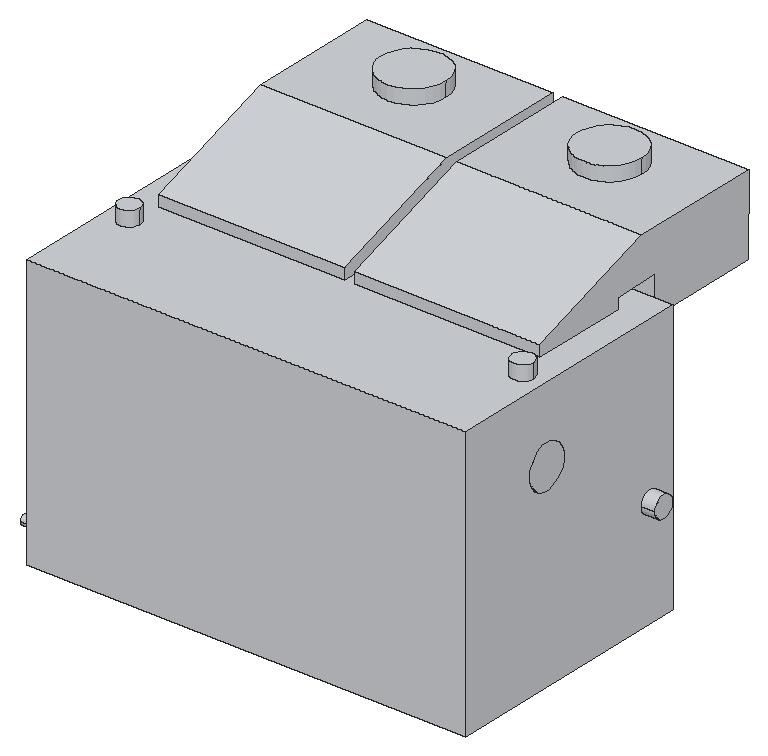
Revit family "1b0fd2bbb46a4241a16585ee87851890", category Mechanical Equipment, Revit 2021
Family settings
  Round Connector Dimension = Use Radius
  Part Type = Normal
  OmniClass Number = 23.75.10.11.14.11
  OmniClass Title = Cast-Iron Boilers
  Seek Item ID = Gas Fired Boiler - Cast Iron - 624-811 MBH-0000-USA-ENU
  Work Plane-Based = No
  Always vertical = Yes
  Cut with Voids When Loaded = No
  Shared = No
  Room Calculation Point = No
Parameters (values of type "624 MBH")
  Water Flow [instance] = 7.9 GPM
  Vent Radius 2 = 4 1/2"
  Vent Radius 1 = 4 1/2"
  Vent Length 2 = 1' - 5"
  Vent Length 1 = 2' - 3 1/4"
  Vent Diameter 1 = Vent Radius 1 * 2  # 9"
  Vent Diameter 2 = Vent Radius 2 * 2  # 9"
  Temperature Rise [instance] = 60 °F
  Supply Length 1 = 4' - 6 3/4"
  Water Pressure Drop [instance] = 37.50 psi
  Output Heat [instance] = 624600 Btu/h
  Input Heat [instance] = 780000.0 Btu/h
  Gas Radius = 5/8"
  Gas Flow [instance] = 0.9 GPM
  Gas Diameter = Gas Radius * 2  # 1 1/4"
  Hot Water Radius = 1 1/2"
  Hot Water Diameter = Hot Water Radius * 2  # 3"
  Exhaust Air Flow [instance] = 0 CFM
  Default Elevation = 0' - 0"
  Cold Water Radius = 1 1/2"
  Cold Water Diameter = Cold Water Radius * 2  # 3"
  Drafthood Length 2 = 2' - 1 205/256"
  Drafthood Length 1 = 2' - 1 205/256"
  Boiler Material = none
  Boiler Length = 5' - 1 1/8"
  BHP [instance] = 18.41
Types (5): name | Water Flow | Vent Radius 2 | Vent Radius 1 | Vent Length 2 | Vent Length 1 | Vent Diameter 1 | Vent Diameter 2 | Supply Length 1 | Water Pressure Drop | Output Heat | Input Heat | Drafthood Length 2 | Drafthood Length 1 | Boiler Length | BHP
  (no name) | 7.9 GPM | 4 1/2" | 4 1/2" | 1' - 5" | 2' - 3 1/4" | 9" | 9" | 4' - 6 3/4" | 37.50 psi | 624600 Btu/h | 780000.0 Btu/h | 2' - 1 205/256" | 2' - 1 205/256" | 5' - 1 1/8" | 18.41
  624 MBH | 7.9 GPM | 4 1/2" | 4 1/2" | 1' - 5" | 2' - 3 1/4" | 9" | 9" | 4' - 6 3/4" | 37.50 psi | 624600 Btu/h | 780000.0 Btu/h | 2' - 1 205/256" | 2' - 1 205/256" | 5' - 1 1/8" | 18.41
  686 MBH | 8.33 GPM | 5" | 4 1/2" | 1' - 7 3/4" | 2' - 5 7/8" | 9" | 10" | 5' - 0 1/8" | 41.00 psi | 686400 Btu/h | 858000.0 Btu/h | 2' - 7 51/256" | 2' - 1 205/256" | 5' - 6 1/2" | 20.25
  749 MBH | 8.33 GPM | 5" | 5" | 1' - 7 3/4" | 2' - 8 5/8" | 10" | 10" | 5' - 5 1/2" | 41.00 psi | 748800 Btu/h | 936000.0 Btu/h | 2' - 7 51/256" | 2' - 1 205/256" | 6' - 0" | 22.09
  811 MBH | 9.2 GPM | 6" | 5" | 1' - 10 3/8" | 2' - 11 3/8" | 10" | 12" | 5' - 11" | 47.50 psi | 811200 Btu/h | 1014000.0 Btu/h | 3' - 0 77/128" | 2' - 7 51/256" | 6' - 5 1/2" | 23.93
Reference planes (in)
  plane 1 "Center (Front/Back)": y = 0
  plane 2: z = 0
  plane 3 "Center (Left/Right)": x = 0
  plane 4: x = 61.125
  plane 5: y = 36
  plane 6: z = 38
  plane 7: z = 4
  plane 8: y = 2
  plane 9: x = -2
  plane 10: y = 31.8125
  plane 11: z = 15.375
  plane 12: x = 3.25
  plane 13: y = 13.75
  plane 14: z = 40
  plane 15: x = 58
  plane 16: x = 44.125
  plane 17: x = 31.22461
  plane 18: x = 57.02539
  plane 19: z = 27.5
  plane 20: y = 14
  plane 21: y = 54.1875
  plane 22: z = 34.1875
  plane 23: z = 45.4375
  plane 24: y = 38
  plane 25: y = 31.4375
  plane 26: y = 18
  plane 27: z = 39.5
  plane 28: y = 35.75
  plane 29: y = 46.1875
  plane 30: z = 47.4375
  plane 31: x = 63.125
  plane 32: x = 16.875
  plane 33: x = 3.97461
  plane 34: x = 29.77539
Forms (in)
  Extrusion 1, solid, material <- "Boiler Material"
    sketch origin (0, 0, 0) x (1, 0, 0) y (0, 1, 0)
      loop
        line (0, 36) -> (0, 0) -> (61.125, 0) -> (61.125, 36) -> (0, 36)
    from 0 to 38
  Extrusion 2, solid, material <- "Boiler Material"
    sketch origin (0, 0, 0) x (0, 1, 0) y (0, 0, 1)
      loop
        circle (2, 4) r 0.625
    from 0 to -2
  Extrusion 3, solid, material <- "Boiler Material"
    sketch origin (0, 0, 0) x (0, 1, 0) y (0, 0, 1)
      loop
        circle (31.8125, 15.375) r 1.5
    from 0 to -2
  Extrusion 4, solid, material <- "Boiler Material"
    sketch origin (0, 0, 0) x (1, 0, 0) y (0, 1, 0)
      loop
        circle (3.25, 13.75) r 1.5
    from 38 to 40
  Extrusion 5, solid, material <- "Boiler Material"
    sketch origin (0, 0, 0) x (1, 0, 0) y (0, 1, 0)
      loop
        circle (58, 13.75) r 1.5
    from 38 to 40
  Extrusion 6, solid, material <- "Boiler Material"
    sketch origin (0, 0, 0) x (0, 1, 0) y (0, 0, 1)
      loop
        circle (14, 27.5) r 3
    from 0 to 44.125
  Extrusion 7, solid, material <- "Boiler Material", detail levels fine
    sketch origin (0, 0, 0) x (0, 1, 0) y (0, 0, 1)
      loop
        line (18, 38) -> (31.4375, 38) -> (31.4375, 39.5) -> (38, 39.5) -> (38, 34.1875) -> (54.1875, 34.1875) -> (54.1875, 45.4375) -> (35.75, 45.4375) -> (18, 39.5) -> (18, 38)
    from 31.22461 to 57.02539
  Extrusion 8, solid, material <- "Boiler Material"
    sketch origin (0, 0, 0) x (1, 0, 0) y (0, 1, 0)
      loop
        circle (44.125, 46.1875) r 4.5
    from 45.4375 to 47.4375
  Extrusion 9, solid, material <- "Boiler Material"
    sketch origin (34, 0, 0) x (0, 1, 0) y (0, 0, -1)
      loop
        circle (31.8125, -15.375) r 1.5
    from -27.125 to -29.125
  Extrusion 10, solid, material <- "Boiler Material"
    sketch origin (44.75, 0, 0) x (0, 1, 0) y (0, 0, -1)
      loop
        circle (14, -27.5) r 3
    from -16.375 to 0.625
  Extrusion 11, solid, material <- "Boiler Material", detail levels coarse+medium
    sketch origin (0, 0, 0) x (1, 0, 0) y (0, 1, 0)
      loop
        line (3.97461, 54.1875) -> (3.97461, 36) -> (57.02539, 36) -> (57.02539, 54.1875) -> (3.97461, 54.1875)
    from 34.1875 to 45.4375
  Extrusion 12, solid, material <- "Boiler Material", detail levels fine
    sketch origin (59.55078, 0, 0) x (0, 1, 0) y (0, 0, -1)
      loop
        line (18, -38) -> (18, -39.5) -> (35.75, -45.4375) -> (54.1875, -45.4375) -> (54.1875, -34.1875) -> (38, -34.1875) -> (38, -39.5) -> (31.4375, -39.5) -> (31.4375, -38) -> (18, -38)
    from 29.77539 to 55.57617
  Extrusion 13, solid, material <- "Boiler Material"
    sketch origin (62.44922, 0, 0) x (-1, 0, 0) y (0, -1, 0)
      loop
        circle (45.57422, -46.1875) r 4.5
    from 45.4375 to 47.4375
  Extrusion 14, solid, material <- "Boiler Material", detail levels coarse+medium
    sketch origin (0, 57.68752, 4) x (0, 1, 0) y (-1, 0, 0)
      loop
        line (-21.68752, -3.97461) -> (-39.68752, -3.97461) -> (-39.68752, -57.02539) -> (-21.68752, -57.02539) -> (-21.68752, -3.97461)
    from 34 to 41.4375
  Extrusion 15, solid, material <- "Boiler Material", detail levels fine
    sketch origin (0, 0, 0) x (0, 1, 0) y (0, 0, 1)
      loop
        circle (31.8125, 15.375) r 1.5
      loop
        circle (2, 4) r 0.625
    from 0 to -2
  Extrusion 16, solid, material <- "Boiler Material", detail levels fine
    sketch origin (0, 0, 0) x (0, 1, 0) y (0, 0, 1)
      loop
        circle (31.8125, 15.375) r 1.5
    from 61.125 to 63.125
Cuts and joins
  joined: Extrusion 11, Extrusion 14
  joined: Extrusion 1, Extrusion 4, Extrusion 5, Extrusion 8, Extrusion 13
  joined: Extrusion 2, Extrusion 3, Extrusion 9
  joined: Extrusion 7, Extrusion 12
Lines and regions (in)
  model lines, detail levels coarse+medium
    curve 1: line (0, 2, 4) -> (-2, 2, 4)
    curve 2: line (0, 31.8125, 15.375) -> (-2, 31.8125, 15.375)
    curve 3: line (63.125, 31.8125, 15.375) -> (61.125, 31.8125, 15.375)
  model lines, detail levels coarse
    curve 4: line (44.125, 46.1875, 45.4375) -> (44.125, 46.1875, 47.4375)
    curve 5: line (16.875, 46.1875, 45.4375) -> (16.875, 46.1875, 47.4375)
  symbolic lines, detail levels fine
    curve 6: line (0, 33.3125, 4) -> (-2, 33.3125, 4)
    curve 7: line (-2, 33.3125, 4) -> (-2, 30.3125, 4)
    curve 8: line (-2, 30.3125, 4) -> (0, 30.3125, 4)
    curve 9: line (61.125, 33.3125, 4) -> (63.125, 33.3125, 4)
    curve 10: line (61.125, 30.3125, 4) -> (63.125, 30.3125, 4)
    curve 11: line (63.125, 30.3125, 4) -> (63.125, 33.3125, 4)
    curve 12: line (0, 2.625, 4) -> (-2, 2.625, 4)
    curve 13: line (-2, 1.375, 4) -> (0, 1.375, 4)
    curve 14: line (-2, 2.625, 4) -> (-2, 1.375, 4)
Dimensions and locks (in)
  locked: plane 6 to plane 2 at 38
  locked: plane 5 to plane 1 "Center (Front/Back)" at 36
  "Boiler Length": plane 4 to plane 3 "Center (Left/Right)"
  locked: plane 7 to plane 2 at 4
  locked: plane 8 to plane 1 "Center (Front/Back)" at 2
  locked: plane 3 "Center (Left/Right)" to plane 9 at 2
  locked: plane 5 to plane 10 at 4.1875
  locked: plane 11 to plane 2 at 15.375
  locked: plane 12 to plane 3 "Center (Left/Right)" at 3.25
  locked: plane 13 to plane 1 "Center (Front/Back)" at 13.75
  locked: plane 14 to plane 6 at 2
  "Supply Length 1": plane 15 to plane 12
  "Vent Length 2": plane 4 to plane 16
  "Drafthood Length 2": plane 18 to plane 17
  equal spacing: plane 18, plane 16, plane 17
  locked: plane 19 to plane 2 at 27.5
  locked: plane 20 to plane 1 "Center (Front/Back)" at 14
  locked: plane 21 to plane 1 "Center (Front/Back)" at 54.1875
  locked: plane 22 to plane 2 at 34.1875
  locked: plane 23 to plane 22 at 11.25
  locked: plane 21 to plane 24 at 16.1875
  locked: plane 24 to plane 25 at 6.5625
  locked: plane 25 to plane 26 at 13.4375
  locked: plane 27 to plane 6 at 1.5
  locked: plane 28 to plane 26 at 17.75
  locked: plane 29 to plane 1 "Center (Front/Back)" at 46.1875
  locked: plane 30 to plane 23 at 2
  locked: plane 31 to plane 4 at 2
  "Vent Length 1": plane 16 to plane 32
  "Drafthood Length 1": plane 34 to plane 33
  equal spacing: plane 34, plane 32, plane 33
  "Gas Radius": radius of Extrusion 2 sketch curve
  "Cold Water Radius": radius of Extrusion 3 sketch curve
  "Hot Water Radius": radius of Extrusion 4 sketch curve
  "Hot Water Radius": radius of Extrusion 5 sketch curve
  radius of Extrusion 6 sketch curve = 0' - 3"
  "Vent Radius 2": radius of Extrusion 8 sketch curve
  "Cold Water Radius": radius of Extrusion 9 sketch curve
  radius of Extrusion 10 sketch curve = 0' - 3"
  "Vent Radius 1": radius of Extrusion 13 sketch curve
  "Cold Water Radius": radius of Extrusion 15 sketch curve
  "Gas Radius": radius of Extrusion 15 sketch curve
  "Cold Water Radius": radius of Extrusion 16 sketch curve
  aligned and locked: Extrusion 1 to plane 5
  aligned and locked: plane 1 "Center (Front/Back)" to Extrusion 1
  aligned and locked: Extrusion 1 to plane 3 "Center (Left/Right)"
  aligned and locked: plane 4 to Extrusion 1
  aligned and locked: plane 6 to Extrusion 1
  aligned and locked: Extrusion 1 to plane 2
  aligned and locked: plane 8 to Extrusion 2 sketch curve
  aligned and locked: plane 7 to Extrusion 2 sketch curve
  aligned and locked: Extrusion 2 to plane 9
  aligned and locked: plane 3 "Center (Left/Right)" to Extrusion 2
  aligned and locked: plane 10 to Extrusion 3 sketch curve
  aligned and locked: plane 11 to Extrusion 3 sketch curve
  aligned and locked: Extrusion 3 to plane 9
  aligned and locked: plane 3 "Center (Left/Right)" to Extrusion 3
  aligned and locked: plane 13 to Extrusion 4 sketch curve
  aligned and locked: plane 12 to Extrusion 4 sketch curve
  aligned and locked: plane 14 to Extrusion 4
  aligned and locked: Extrusion 4 to plane 6
  aligned and locked: plane 15 to Extrusion 5 sketch curve
  aligned and locked: plane 13 to Extrusion 5 sketch curve
  aligned and locked: plane 14 to Extrusion 5
  aligned and locked: Extrusion 5 to plane 6
  aligned and locked: plane 20 to Extrusion 6 sketch curve
  aligned and locked: plane 19 to Extrusion 6 sketch curve
  aligned and locked: Extrusion 6 to plane 3 "Center (Left/Right)"
  aligned and locked: plane 16 to Extrusion 6
  aligned and locked: plane 23 to Extrusion 7
  aligned and locked: Extrusion 7 to plane 21
  aligned and locked: Extrusion 7 to plane 22
  aligned and locked: plane 24 to Extrusion 7
  aligned and locked: Extrusion 7 to plane 27
  aligned and locked: Extrusion 7 to plane 25
  aligned and locked: Extrusion 7 to plane 6
  aligned and locked: plane 26 to Extrusion 7
  aligned and locked: plane 18 to Extrusion 7
  aligned and locked: Extrusion 7 to plane 17
  aligned and locked: plane 16 to Extrusion 8 sketch curve
  aligned and locked: plane 29 to Extrusion 8 sketch curve
  aligned and locked: plane 23 to Extrusion 8
  aligned and locked: plane 30 to Extrusion 8
  aligned and locked: plane 31 to Extrusion 9
  aligned and locked: Extrusion 9 to plane 4
  aligned and locked: plane 10 to Extrusion 9 sketch curve
  aligned and locked: plane 11 to Extrusion 9 sketch curve
  aligned and locked: Extrusion 10 to plane 16
  aligned and locked: plane 4 to Extrusion 10
  aligned and locked: plane 20 to Extrusion 10 sketch curve
  aligned and locked: plane 19 to Extrusion 10 sketch curve
  aligned and locked: plane 21 to Extrusion 11 sketch curve
  aligned and locked: plane 23 to Extrusion 11
  aligned and locked: plane 3 "Center (Left/Right)" to curve 1
  aligned and locked: plane 9 to curve 1
  aligned and locked: plane 7 to curve 1
  aligned and locked: plane 3 "Center (Left/Right)" to curve 2
  aligned and locked: plane 9 to curve 2
  aligned and locked: curve 2 to plane 10
  aligned and locked: plane 4 to curve 3
  aligned and locked: plane 31 to curve 3
  aligned and locked: curve 3 to plane 10
  aligned and locked: plane 30 to curve 4
  aligned and locked: plane 16 to curve 4
  aligned and locked: plane 34 to Extrusion 12
  aligned and locked: Extrusion 12 to plane 33
  aligned and locked: plane 23 to Extrusion 12
  aligned and locked: Extrusion 12 to plane 22  (x2)
  aligned and locked: plane 32 to Extrusion 13 sketch curve
  aligned and locked: plane 29 to Extrusion 13 sketch curve
  aligned and locked: Extrusion 13 to plane 23
  aligned and locked: plane 30 to Extrusion 13
  aligned and locked: Extrusion 11 to plane 23
  aligned and locked: plane 24 to Extrusion 12
  aligned and locked: Extrusion 12 to plane 27
  aligned and locked: Extrusion 12 to plane 25
  aligned and locked: plane 26 to Extrusion 12
  aligned and locked: plane 23 to curve 5
  aligned and locked: plane 30 to curve 5
  aligned and locked: plane 32 to curve 5
  aligned and locked: Extrusion 11 sketch curve to plane 5
  aligned and locked: plane 33 to Extrusion 11 sketch curve
  aligned and locked: Extrusion 11 sketch curve to plane 18
  aligned and locked: Extrusion 11 to plane 22
  aligned and locked: Extrusion 11 to Extrusion 14 sketch curve
  aligned and locked: Extrusion 14 sketch curve to Extrusion 11
  aligned and locked: Extrusion 14 sketch curve to Extrusion 7  (x2)
  aligned and locked: plane 23 to Extrusion 14
  aligned and locked: Extrusion 14 to plane 6
  aligned and locked: cut or joined group of Extrusion 2, Extrusion 3, Extrusion 9 to curve 6
  aligned and locked: curve 6 to cut or joined group of Extrusion 2, Extrusion 3, Extrusion 9
  aligned and locked: cut or joined group of Extrusion 2, Extrusion 3, Extrusion 9 to curve 8
  aligned and locked: curve 9 to cut or joined group of Extrusion 2, Extrusion 3, Extrusion 9
  aligned and locked: cut or joined group of Extrusion 2, Extrusion 3, Extrusion 9 to curve 9
  aligned and locked: curve 10 to cut or joined group of Extrusion 2, Extrusion 3, Extrusion 9
  aligned and locked: cut or joined group of Extrusion 2, Extrusion 3, Extrusion 9 to curve 10
  aligned and locked: cut or joined group of Extrusion 2, Extrusion 3, Extrusion 9 to curve 12
  aligned and locked: curve 12 to cut or joined group of Extrusion 2, Extrusion 3, Extrusion 9
  aligned and locked: curve 13 to cut or joined group of Extrusion 2, Extrusion 3, Extrusion 9
  aligned and locked: cut or joined group of Extrusion 2, Extrusion 3, Extrusion 9 to curve 13
  aligned and locked: plane 10 to Extrusion 15 sketch curve
  aligned and locked: plane 11 to Extrusion 15 sketch curve
  aligned and locked: plane 8 to Extrusion 15 sketch curve
  aligned and locked: plane 7 to Extrusion 15 sketch curve
  aligned and locked: plane 10 to Extrusion 16 sketch curve
  aligned and locked: plane 11 to Extrusion 16 sketch curve
  aligned and locked: plane 31 to Extrusion 16
  aligned and locked: Extrusion 16 to plane 4
  aligned and locked: Extrusion 15 to plane 3 "Center (Left/Right)"
  aligned and locked: Extrusion 15 to plane 9
Automatic sketch dimensions
  Extrusion 1 sketch curve to plane 1 "Center (Front/Back)" = 0' - 0"
  Extrusion 1 sketch curve to plane 3 "Center (Left/Right)" = 0' - 0"
  Extrusion 1 sketch curve to plane 4 = 0' - 0"
  Extrusion 1 sketch curve to plane 5 = 0' - 0"
  Extrusion 7 sketch curve to plane 6 = 0' - 0"
  Extrusion 7 sketch curve to plane 26 = 0' - 0"
  Extrusion 7 sketch curve to plane 25 = 0' - 0"
  Extrusion 7 sketch curve to plane 23 = 0' - 0"
  Extrusion 7 sketch curve to plane 28 = 0' - 0"
  Extrusion 7 sketch curve to plane 22 = 0' - 0"
  Extrusion 7 sketch curve to plane 24 = 0' - 0"
  Extrusion 7 sketch curve to plane 21 = 0' - 0"
  Extrusion 7 sketch curve to plane 27 = 0' - 0"  (x2)
  curve 2 to plane 3 "Center (Left/Right)" = 0' - 0"
  curve 2 to plane 9 = 0' - 0"
  Extrusion 12 sketch curve to plane 6 = 0' - 0"
  Extrusion 12 sketch curve to plane 26 = 0' - 0"
  Extrusion 12 sketch curve to plane 25 = 0' - 0"
  Extrusion 12 sketch curve to plane 23 = 0' - 0"
  Extrusion 12 sketch curve to plane 28 = 0' - 0"
  Extrusion 12 sketch curve to plane 22 = 0' - 0"
  Extrusion 12 sketch curve to plane 24 = 0' - 0"
  Extrusion 12 sketch curve to plane 21 = 0' - 0"
  Extrusion 12 sketch curve to plane 27 = 0' - 0"  (x2)
  curve 4 to plane 23 = 0' - 0"
  plane 8 to curve 14 = 0' - 0 5/8"
  curve 12 to plane 8 = 0' - 0 5/8"
  plane 25 to curve 8 = 0' - 1 1/8"
  plane 25 to curve 10 = 0' - 1 1/8"
  curve 9 to plane 10 = 0' - 1 1/2"
  curve 7 to plane 10 = 0' - 1 1/2"
Connectors (in)
  piping at (3.25, 13.75, 40), diameter 3, driven by "Water Flow", driven by "Water Pressure Drop", driven by "Hot Water Radius"
    settings: on Extrusion 4, index 1, connector inside diameter 3", connector length 0' - 0", flow factor 0, pipe flow 7.9 GPM, pressure drop 37.50 psi, fitting loss kfactor 0, connector angle 0.00°, fixture units 0, engagement length 0' - 0", angle of deflection 0.00°, flow configuration 0, flow direction 2, fitting loss method 4, system type 7, joint type 0, gender type 0, connector reference index -1, connector utility 0, adjustable connector no, is connector primary yes, connector description "Hot Water Out"
  piping at (58, 13.75, 40), diameter 3, driven by "Water Flow", driven by "Water Pressure Drop", driven by "Hot Water Radius"
    settings: on Extrusion 5, index 2, connector inside diameter 3", connector length 0' - 0", flow factor 0, pipe flow 7.9 GPM, pressure drop 37.50 psi, fitting loss kfactor 0, connector angle 0.00°, fixture units 0, engagement length 0' - 0", angle of deflection 0.00°, flow configuration 0, flow direction 2, fitting loss method 4, system type 7, joint type 0, gender type 0, connector reference index -1, connector utility 0, adjustable connector no, is connector primary no, connector description "Hot Water Out"
  piping at (63.125, 31.8125, 15.375), diameter 3, driven by "Cold Water Radius", driven by "Water Flow"
    settings: on Extrusion 9, index 3, connector inside diameter 3", connector length 0' - 0", flow factor 0, pipe flow 7.9 GPM, pressure drop 0.00 psi, fitting loss kfactor 0, connector angle 0.00°, fixture units 0, engagement length 0' - 0", angle of deflection 0.00°, flow configuration 0, flow direction 1, fitting loss method 0, system type 8, joint type 0, gender type 0, connector reference index -1, connector utility 0, adjustable connector no, is connector primary no, connector description "Cold Water In"
  piping at (-2, 31.8125, 15.375), diameter 3, driven by "Water Flow", driven by "Cold Water Radius"
    settings: on Extrusion 3, index 4, connector inside diameter 3", connector length 0' - 0", flow factor 0, pipe flow 7.9 GPM, pressure drop 0.00 psi, fitting loss kfactor 0, connector angle 0.00°, fixture units 0, engagement length 0' - 0", angle of deflection 0.00°, flow configuration 0, flow direction 1, fitting loss method 0, system type 8, joint type 0, gender type 0, connector reference index -1, connector utility 0, adjustable connector no, is connector primary no, connector description "Cold Water In"
  piping at (-2, 2, 4), diameter 1.25, driven by "Gas Flow", driven by "Gas Radius"
    settings: on Extrusion 2, index 5, connector inside diameter 1 1/4", connector length 0' - 0", flow factor 0, pipe flow 0.9 GPM, pressure drop 0.00 psi, fitting loss kfactor 0, connector angle 0.00°, fixture units 0, engagement length 0' - 0", angle of deflection 0.00°, flow configuration 1, flow direction 1, fitting loss method 0, system type 22, joint type 0, gender type 0, connector reference index -1, connector utility 0, adjustable connector no, is connector primary no, connector description "Gas In"
  hvac at (16.875, 46.1875, 47.4375), driven by "Vent Radius 1", driven by "Exhaust Air Flow"
    settings: on Extrusion 13, index 6, duct flow 0 CFM, flow factor 0, pres drop 0.00 in-wg, loss coef 0, conn angle 0.00°, conn width 12", conn height 12", conn diameter 9", duct sys type 3, conn prof type 0, flow config 1, flow direction 2, loss method 0, conn ref index -1, conn util no, is conn primary yes, conn desc ""
  hvac at (44.125, 46.1875, 47.4375), driven by "Exhaust Air Flow", driven by "Vent Radius 2"
    settings: on Extrusion 8, index 7, duct flow 0 CFM, flow factor 0, pres drop 0.00 in-wg, loss coef 0, conn angle 0.00°, conn width 12", conn height 12", conn diameter 9", duct sys type 3, conn prof type 0, flow config 1, flow direction 2, loss method 0, conn ref index -1, conn util no, is conn primary no, conn desc ""
  piping at (0, 14, 27.5), diameter 1.5
    settings: on Extrusion 6, index 8, connector inside diameter 1 1/2", connector length 0' - 0", flow factor 0, pipe flow 0.0 GPM, pressure drop 0.00 psi, fitting loss kfactor 0, connector angle 0.00°, fixture units 0, engagement length 0' - 0", angle of deflection 0.00°, flow configuration 1, flow direction 2, fitting loss method 0, system type 16, joint type 0, gender type 0, connector reference index -1, connector utility 0, adjustable connector yes, is connector primary no, connector description "Drain Out"
  piping at (61.125, 14, 27.5), diameter 1.5
    settings: on Extrusion 10, index 9, connector inside diameter 1 1/2", connector length 0' - 0", flow factor 0, pipe flow 0.0 GPM, pressure drop 0.00 psi, fitting loss kfactor 0, connector angle 0.00°, fixture units 0, engagement length 0' - 0", angle of deflection 0.00°, flow configuration 1, flow direction 2, fitting loss method 0, system type 16, joint type 0, gender type 0, connector reference index -1, connector utility 0, adjustable connector yes, is connector primary no, connector description "Drain Out"
  electrical at (61.125, 18, 19)
    settings: on Extrusion 1, index 10, voltage 0 V, apparent load 0 VA, apparent load phase1 0 VA, apparent load phase2 0 VA, apparent load phase3 0 VA, power factor 1, load classification "Other", number of poles 1, system type 13, power factor state 1, is connector primary yes, connector utility no, sub classification motor no, connector description ""
